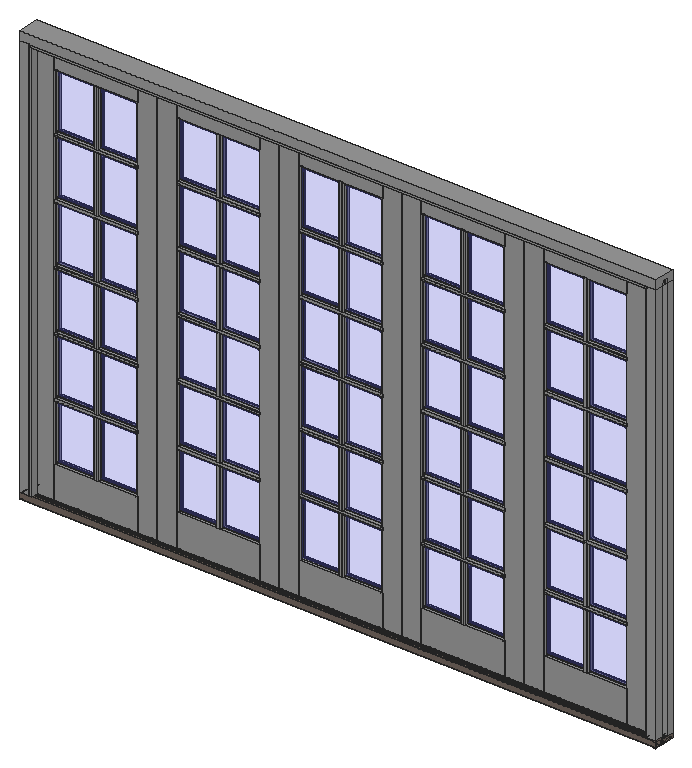
Revit family "VSFA 3180 SP RH", category Doors, host Wall, Revit 2015 (continued)
Forms (mm)
  Extrusion 75, solid, material "Lauan, Meranti"
    sketch origin (556.235, 0, 0) x (0, 1, 0) y (0, 0, 1)
      loop
        line (-15.5, 1675) -> (-15.5, 1662) -> (-13.5, 1662)
        arc (-13.5, 1662) -> (-11.866, 1657.33) -> (-7.5, 1655) r 6.807
        line (-7.5, 1655) -> (-7.5, 1653) -> (-5.5, 1653) -> (-5.5, 1662) -> (24.5, 1662) -> (24.5, 1675) -> (-5.5, 1675) -> (-5.5, 1684) -> (-7.5, 1684) -> (-7.5, 1682)
        arc (-7.5, 1682) -> (-11.866, 1679.67) -> (-13.5, 1675) r 6.807
        line (-13.5, 1675) -> (-15.5, 1675)
      loop
        line (-15.5, 1378) -> (-15.5, 1365) -> (-13.5, 1365)
        arc (-13.5, 1365) -> (-11.866, 1360.33) -> (-7.5, 1358) r 6.807
        line (-7.5, 1358) -> (-7.5, 1356) -> (-5.5, 1356) -> (-5.5, 1365) -> (24.5, 1365) -> (24.5, 1378) -> (-5.5, 1378) -> (-5.5, 1387) -> (-7.5, 1387) -> (-7.5, 1385)
        arc (-7.5, 1385) -> (-11.866, 1382.67) -> (-13.5, 1378) r 6.807
        line (-13.5, 1378) -> (-15.5, 1378)
      loop
        line (-15.5, 1081) -> (-15.5, 1068) -> (-13.5, 1068)
        arc (-13.5, 1068) -> (-11.866, 1063.33) -> (-7.5, 1061) r 6.807
        line (-7.5, 1061) -> (-7.5, 1059) -> (-5.5, 1059) -> (-5.5, 1068) -> (24.5, 1068) -> (24.5, 1081) -> (-5.5, 1081) -> (-5.5, 1090) -> (-7.5, 1090) -> (-7.5, 1088)
        arc (-7.5, 1088) -> (-11.866, 1085.67) -> (-13.5, 1081) r 6.807
        line (-13.5, 1081) -> (-15.5, 1081)
      loop
        line (-15.5, 784) -> (-15.5, 771) -> (-13.5, 771)
        arc (-13.5, 771) -> (-11.866, 766.33) -> (-7.5, 764) r 6.807
        line (-7.5, 764) -> (-7.5, 762) -> (-5.5, 762) -> (-5.5, 771) -> (24.5, 771) -> (24.5, 784) -> (-5.5, 784) -> (-5.5, 793) -> (-7.5, 793) -> (-7.5, 791)
        arc (-7.5, 791) -> (-11.866, 788.67) -> (-13.5, 784) r 6.807
        line (-13.5, 784) -> (-15.5, 784)
      loop
        line (-15.5, 487) -> (-15.5, 474) -> (-13.5, 474)
        arc (-13.5, 474) -> (-11.866, 469.33) -> (-7.5, 467) r 6.807
        line (-7.5, 467) -> (-7.5, 465) -> (-5.5, 465) -> (-5.5, 474) -> (24.5, 474) -> (24.5, 487) -> (-5.5, 487) -> (-5.5, 496) -> (-7.5, 496) -> (-7.5, 494)
        arc (-7.5, 494) -> (-11.866, 491.67) -> (-13.5, 487) r 6.807
        line (-13.5, 487) -> (-15.5, 487)
    from -169.235 to 248.765
  Sweep 76, solid, material "Lauan, Meranti"
    path origin (263.876, -75, -1252.272) x (1, 0, 0) y (0, 0, 1)
      loop
        line (338.624, 1726.272) -> (338.624, 1442.272) -> (541.124, 1442.272) -> (541.124, 1726.272) -> (338.624, 1726.272)
    profile origin (703.75, -75, 474) x (0, 0, 1) y (0, -1, 0)
      loop
        line (-9, -78) -> (-9, -80) -> (-7, -80)
        arc (-7, -80) -> (-4.67, -84.366) -> (0, -86) r 6.807
        line (0, -86) -> (0, -78) -> (-9, -78)
  Extrusion 77, solid, material "Glass"
    sketch origin (532.808, -110.55, -763.769) x (1, 0, 0) y (0, 0, 1)
      loop
        line (272.18, 953.779) -> (272.18, 1237.769) -> (69.692, 1237.769) -> (69.692, 953.779) -> (272.18, 953.779)
      loop
        line (56.692, 1237.769) -> (-145.808, 1237.769) -> (-145.808, 953.769) -> (56.692, 953.769) -> (56.692, 1237.769)
      loop
        line (272.18, 1250.779) -> (272.18, 1534.769) -> (69.692, 1534.769) -> (69.692, 1250.779) -> (272.18, 1250.779)
      loop
        line (56.692, 1534.769) -> (-145.808, 1534.769) -> (-145.808, 1250.769) -> (56.692, 1250.769) -> (56.692, 1534.769)
      loop
        line (272.18, 1547.779) -> (272.18, 1831.769) -> (69.692, 1831.769) -> (69.692, 1547.779) -> (272.18, 1547.779)
      loop
        line (56.692, 1831.769) -> (-145.808, 1831.769) -> (-145.808, 1547.769) -> (56.692, 1547.769) -> (56.692, 1831.769)
      loop
        line (272.18, 1844.779) -> (272.18, 2128.769) -> (69.692, 2128.769) -> (69.692, 1844.779) -> (272.18, 1844.779)
      loop
        line (56.692, 2128.769) -> (-145.808, 2128.769) -> (-145.808, 1844.769) -> (56.692, 1844.769) -> (56.692, 2128.769)
      loop
        line (272.18, 2141.779) -> (272.18, 2425.769) -> (69.692, 2425.769) -> (69.692, 2141.779) -> (272.18, 2141.779)
      loop
        line (56.692, 2425.769) -> (-145.808, 2425.769) -> (-145.808, 2141.769) -> (56.692, 2141.769) -> (56.692, 2425.769)
      loop
        line (272.18, 2438.779) -> (272.18, 2722.769) -> (69.692, 2722.769) -> (69.692, 2438.779) -> (272.18, 2438.779)
      loop
        line (56.692, 2722.769) -> (-145.808, 2722.769) -> (-145.808, 2438.769) -> (56.692, 2438.769) -> (56.692, 2722.769)
    from -112.5 to -106.1
  Extrusion 78, solid, material "Lauan, Meranti"
    sketch origin (1, 0, 0) x (1, 0, 0) y (0, 1, 0)
      loop
        line (601.5, -15.5) -> (601.5, -13.5)
        arc (601.5, -13.5) -> (606.17, -11.866) -> (608.5, -7.5) r 6.807
        line (608.5, -7.5) -> (610.5, -7.5) -> (610.5, -5.5) -> (601.5, -5.5) -> (601.5, 24.5) -> (588.5, 24.5) -> (588.5, -5.5) -> (579.5, -5.5) -> (579.5, -7.5) -> (581.5, -7.5)
        arc (581.5, -7.5) -> (583.83, -11.866) -> (588.5, -13.5) r 6.807
        line (588.5, -13.5) -> (588.5, -15.5) -> (601.5, -15.5)
    from 190 to 474
  Sweep 79, solid, material "Lauan, Meranti"
    path origin (48.388, -75, -1252.272) x (1, 0, 0) y (0, 0, 1)
      loop
        line (338.624, 1726.272) -> (338.624, 1442.272) -> (541.124, 1442.272) -> (541.124, 1726.272) -> (338.624, 1726.272)
    profile origin (488.262, -75, 474) x (0, 0, 1) y (0, -1, 0)
      loop
        line (-9, -78) -> (-9, -80) -> (-7, -80)
        arc (-7, -80) -> (-4.67, -84.366) -> (0, -86) r 6.807
        line (0, -86) -> (0, -78) -> (-9, -78)
  Sweep 80, solid, material "Lauan, Meranti"
    path origin (263.876, -75, -955.284) x (1, 0, 0) y (0, 0, 1)
      loop
        line (338.624, 1726.272) -> (338.624, 1442.272) -> (541.124, 1442.272) -> (541.124, 1726.272) -> (338.624, 1726.272)
    profile origin (703.75, -75, 770.988) x (0, 0, 1) y (0, -1, 0)
      loop
        line (-9, -78) -> (-9, -80) -> (-7, -80)
        arc (-7, -80) -> (-4.67, -84.366) -> (0, -86) r 6.807
        line (0, -86) -> (0, -78) -> (-9, -78)
  Extrusion 81, solid, material "Lauan, Meranti"
    sketch origin (1, 0, 296.988) x (1, 0, 0) y (0, 1, 0)
      loop
        line (601.5, -15.5) -> (601.5, -13.5)
        arc (601.5, -13.5) -> (606.17, -11.866) -> (608.5, -7.5) r 6.807
        line (608.5, -7.5) -> (610.5, -7.5) -> (610.5, -5.5) -> (601.5, -5.5) -> (601.5, 24.5) -> (588.5, 24.5) -> (588.5, -5.5) -> (579.5, -5.5) -> (579.5, -7.5) -> (581.5, -7.5)
        arc (581.5, -7.5) -> (583.83, -11.866) -> (588.5, -13.5) r 6.807
        line (588.5, -13.5) -> (588.5, -15.5) -> (601.5, -15.5)
    from 190 to 474
  Sweep 82, solid, material "Lauan, Meranti"
    path origin (48.388, -75, -955.284) x (1, 0, 0) y (0, 0, 1)
      loop
        line (338.624, 1726.272) -> (338.624, 1442.272) -> (541.124, 1442.272) -> (541.124, 1726.272) -> (338.624, 1726.272)
    profile origin (488.262, -75, 770.988) x (0, 0, 1) y (0, -1, 0)
      loop
        line (-9, -78) -> (-9, -80) -> (-7, -80)
        arc (-7, -80) -> (-4.67, -84.366) -> (0, -86) r 6.807
        line (0, -86) -> (0, -78) -> (-9, -78)
  Sweep 83, solid, material "Lauan, Meranti"
    path origin (263.876, -75, -658.284) x (1, 0, 0) y (0, 0, 1)
      loop
        line (338.624, 1726.272) -> (338.624, 1442.272) -> (541.124, 1442.272) -> (541.124, 1726.272) -> (338.624, 1726.272)
    profile origin (703.75, -75, 1067.988) x (0, 0, 1) y (0, -1, 0)
      loop
        line (-9, -78) -> (-9, -80) -> (-7, -80)
        arc (-7, -80) -> (-4.67, -84.366) -> (0, -86) r 6.807
        line (0, -86) -> (0, -78) -> (-9, -78)
  Extrusion 84, solid, material "Lauan, Meranti"
    sketch origin (1, 0, 593.988) x (1, 0, 0) y (0, 1, 0)
      loop
        line (601.5, -15.5) -> (601.5, -13.5)
        arc (601.5, -13.5) -> (606.17, -11.866) -> (608.5, -7.5) r 6.807
        line (608.5, -7.5) -> (610.5, -7.5) -> (610.5, -5.5) -> (601.5, -5.5) -> (601.5, 24.5) -> (588.5, 24.5) -> (588.5, -5.5) -> (579.5, -5.5) -> (579.5, -7.5) -> (581.5, -7.5)
        arc (581.5, -7.5) -> (583.83, -11.866) -> (588.5, -13.5) r 6.807
        line (588.5, -13.5) -> (588.5, -15.5) -> (601.5, -15.5)
    from 190 to 474
  Sweep 85, solid, material "Lauan, Meranti"
    path origin (48.388, -75, -658.284) x (1, 0, 0) y (0, 0, 1)
      loop
        line (338.624, 1726.272) -> (338.624, 1442.272) -> (541.124, 1442.272) -> (541.124, 1726.272) -> (338.624, 1726.272)
    profile origin (488.262, -75, 1067.988) x (0, 0, 1) y (0, -1, 0)
      loop
        line (-9, -78) -> (-9, -80) -> (-7, -80)
        arc (-7, -80) -> (-4.67, -84.366) -> (0, -86) r 6.807
        line (0, -86) -> (0, -78) -> (-9, -78)
  Sweep 86, solid, material "Lauan, Meranti"
    path origin (263.876, -75, -361.284) x (1, 0, 0) y (0, 0, 1)
      loop
        line (338.624, 1726.272) -> (338.624, 1442.272) -> (541.124, 1442.272) -> (541.124, 1726.272) -> (338.624, 1726.272)
    profile origin (703.75, -75, 1364.988) x (0, 0, 1) y (0, -1, 0)
      loop
        line (-9, -78) -> (-9, -80) -> (-7, -80)
        arc (-7, -80) -> (-4.67, -84.366) -> (0, -86) r 6.807
        line (0, -86) -> (0, -78) -> (-9, -78)
  Extrusion 87, solid, material "Lauan, Meranti"
    sketch origin (1, 0, 890.988) x (1, 0, 0) y (0, 1, 0)
      loop
        line (601.5, -15.5) -> (601.5, -13.5)
        arc (601.5, -13.5) -> (606.17, -11.866) -> (608.5, -7.5) r 6.807
        line (608.5, -7.5) -> (610.5, -7.5) -> (610.5, -5.5) -> (601.5, -5.5) -> (601.5, 24.5) -> (588.5, 24.5) -> (588.5, -5.5) -> (579.5, -5.5) -> (579.5, -7.5) -> (581.5, -7.5)
        arc (581.5, -7.5) -> (583.83, -11.866) -> (588.5, -13.5) r 6.807
        line (588.5, -13.5) -> (588.5, -15.5) -> (601.5, -15.5)
    from 190 to 474
  Sweep 88, solid, material "Lauan, Meranti"
    path origin (48.388, -75, -361.284) x (1, 0, 0) y (0, 0, 1)
      loop
        line (338.624, 1726.272) -> (338.624, 1442.272) -> (541.124, 1442.272) -> (541.124, 1726.272) -> (338.624, 1726.272)
    profile origin (488.262, -75, 1364.988) x (0, 0, 1) y (0, -1, 0)
      loop
        line (-9, -78) -> (-9, -80) -> (-7, -80)
        arc (-7, -80) -> (-4.67, -84.366) -> (0, -86) r 6.807
        line (0, -86) -> (0, -78) -> (-9, -78)
  Sweep 89, solid, material "Lauan, Meranti"
    path origin (263.876, -75, -64.284) x (1, 0, 0) y (0, 0, 1)
      loop
        line (338.624, 1726.272) -> (338.624, 1442.272) -> (541.124, 1442.272) -> (541.124, 1726.272) -> (338.624, 1726.272)
    profile origin (703.75, -75, 1661.988) x (0, 0, 1) y (0, -1, 0)
      loop
        line (-9, -78) -> (-9, -80) -> (-7, -80)
        arc (-7, -80) -> (-4.67, -84.366) -> (0, -86) r 6.807
        line (0, -86) -> (0, -78) -> (-9, -78)
  Extrusion 90, solid, material "Lauan, Meranti"
    sketch origin (1, 0, 1187.988) x (1, 0, 0) y (0, 1, 0)
      loop
        line (601.5, -15.5) -> (601.5, -13.5)
        arc (601.5, -13.5) -> (606.17, -11.866) -> (608.5, -7.5) r 6.807
        line (608.5, -7.5) -> (610.5, -7.5) -> (610.5, -5.5) -> (601.5, -5.5) -> (601.5, 24.5) -> (588.5, 24.5) -> (588.5, -5.5) -> (579.5, -5.5) -> (579.5, -7.5) -> (581.5, -7.5)
        arc (581.5, -7.5) -> (583.83, -11.866) -> (588.5, -13.5) r 6.807
        line (588.5, -13.5) -> (588.5, -15.5) -> (601.5, -15.5)
    from 190 to 474
  Sweep 91, solid, material "Lauan, Meranti"
    path origin (48.388, -75, -64.284) x (1, 0, 0) y (0, 0, 1)
      loop
        line (338.624, 1726.272) -> (338.624, 1442.272) -> (541.124, 1442.272) -> (541.124, 1726.272) -> (338.624, 1726.272)
    profile origin (488.262, -75, 1661.988) x (0, 0, 1) y (0, -1, 0)
      loop
        line (-9, -78) -> (-9, -80) -> (-7, -80)
        arc (-7, -80) -> (-4.67, -84.366) -> (0, -86) r 6.807
        line (0, -86) -> (0, -78) -> (-9, -78)
  Sweep 92, solid, material "Lauan, Meranti"
    path origin (263.876, -75, 232.716) x (1, 0, 0) y (0, 0, 1)
      loop
        line (338.624, 1726.272) -> (338.624, 1442.272) -> (541.124, 1442.272) -> (541.124, 1726.272) -> (338.624, 1726.272)
    profile origin (703.75, -75, 1958.988) x (0, 0, 1) y (0, -1, 0)
      loop
        line (-9, -78) -> (-9, -80) -> (-7, -80)
        arc (-7, -80) -> (-4.67, -84.366) -> (0, -86) r 6.807
        line (0, -86) -> (0, -78) -> (-9, -78)
  Extrusion 93, solid, material "Lauan, Meranti"
    sketch origin (1, 0, 1484.988) x (1, 0, 0) y (0, 1, 0)
      loop
        line (601.5, -15.5) -> (601.5, -13.5)
        arc (601.5, -13.5) -> (606.17, -11.866) -> (608.5, -7.5) r 6.807
        line (608.5, -7.5) -> (610.5, -7.5) -> (610.5, -5.5) -> (601.5, -5.5) -> (601.5, 24.5) -> (588.5, 24.5) -> (588.5, -5.5) -> (579.5, -5.5) -> (579.5, -7.5) -> (581.5, -7.5)
        arc (581.5, -7.5) -> (583.83, -11.866) -> (588.5, -13.5) r 6.807
        line (588.5, -13.5) -> (588.5, -15.5) -> (601.5, -15.5)
    from 190 to 474
  Sweep 94, solid, material "Lauan, Meranti"
    path origin (48.388, -75, 232.716) x (1, 0, 0) y (0, 0, 1)
      loop
        line (338.624, 1726.272) -> (338.624, 1442.272) -> (541.124, 1442.272) -> (541.124, 1726.272) -> (338.624, 1726.272)
    profile origin (488.262, -75, 1958.988) x (0, 0, 1) y (0, -1, 0)
      loop
        line (-9, -78) -> (-9, -80) -> (-7, -80)
        arc (-7, -80) -> (-4.67, -84.366) -> (0, -86) r 6.807
        line (0, -86) -> (0, -78) -> (-9, -78)
  Extrusion 95, solid, material "Lauan, Meranti"
    sketch origin (1168.235, 0, 0) x (0, 1, 0) y (0, 0, 1)
      loop
        line (-15.5, 190) -> (-15.5, 19) -> (24.5, 19) -> (24.5, 190) -> (-5.5, 190) -> (-5.5, 199) -> (-7.5, 199) -> (-7.5, 197)
        arc (-7.5, 197) -> (-11.866, 194.67) -> (-13.5, 190) r 6.807
        line (-13.5, 190) -> (-15.5, 190)
      loop
        line (-7.5, 1952) -> (-7.5, 1950) -> (-5.5, 1950) -> (-5.5, 1959) -> (24.5, 1959) -> (24.5, 2055) -> (-15.5, 2055) -> (-15.5, 1959) -> (-13.5, 1959)
        arc (-13.5, 1959) -> (-11.866, 1954.33) -> (-7.5, 1952) r 6.807
      loop
        line (-15.5, 1675) -> (-15.5, 1662) -> (-13.5, 1662)
        arc (-13.5, 1662) -> (-11.866, 1657.33) -> (-7.5, 1655) r 6.807
        line (-7.5, 1655) -> (-7.5, 1653) -> (-5.5, 1653) -> (-5.5, 1662) -> (24.5, 1662) -> (24.5, 1675) -> (-5.5, 1675) -> (-5.5, 1684) -> (-7.5, 1684) -> (-7.5, 1682)
        arc (-7.5, 1682) -> (-11.866, 1679.67) -> (-13.5, 1675) r 6.807
        line (-13.5, 1675) -> (-15.5, 1675)
      loop
        line (-15.5, 1378) -> (-15.5, 1365) -> (-13.5, 1365)
        arc (-13.5, 1365) -> (-11.866, 1360.33) -> (-7.5, 1358) r 6.807
        line (-7.5, 1358) -> (-7.5, 1356) -> (-5.5, 1356) -> (-5.5, 1365) -> (24.5, 1365) -> (24.5, 1378) -> (-5.5, 1378) -> (-5.5, 1387) -> (-7.5, 1387) -> (-7.5, 1385)
        arc (-7.5, 1385) -> (-11.866, 1382.67) -> (-13.5, 1378) r 6.807
        line (-13.5, 1378) -> (-15.5, 1378)
      loop
        line (-15.5, 1081) -> (-15.5, 1068) -> (-13.5, 1068)
        arc (-13.5, 1068) -> (-11.866, 1063.33) -> (-7.5, 1061) r 6.807
        line (-7.5, 1061) -> (-7.5, 1059) -> (-5.5, 1059) -> (-5.5, 1068) -> (24.5, 1068) -> (24.5, 1081) -> (-5.5, 1081) -> (-5.5, 1090) -> (-7.5, 1090) -> (-7.5, 1088)
        arc (-7.5, 1088) -> (-11.866, 1085.67) -> (-13.5, 1081) r 6.807
        line (-13.5, 1081) -> (-15.5, 1081)
      loop
        line (-15.5, 784) -> (-15.5, 771) -> (-13.5, 771)
        arc (-13.5, 771) -> (-11.866, 766.33) -> (-7.5, 764) r 6.807
        line (-7.5, 764) -> (-7.5, 762) -> (-5.5, 762) -> (-5.5, 771) -> (24.5, 771) -> (24.5, 784) -> (-5.5, 784) -> (-5.5, 793) -> (-7.5, 793) -> (-7.5, 791)
        arc (-7.5, 791) -> (-11.866, 788.67) -> (-13.5, 784) r 6.807
        line (-13.5, 784) -> (-15.5, 784)
      loop
        line (-15.5, 487) -> (-15.5, 474) -> (-13.5, 474)
        arc (-13.5, 474) -> (-11.866, 469.33) -> (-7.5, 467) r 6.807
        line (-7.5, 467) -> (-7.5, 465) -> (-5.5, 465) -> (-5.5, 474) -> (24.5, 474) -> (24.5, 487) -> (-5.5, 487) -> (-5.5, 496) -> (-7.5, 496) -> (-7.5, 494)
        arc (-7.5, 494) -> (-11.866, 491.67) -> (-13.5, 487) r 6.807
        line (-13.5, 487) -> (-15.5, 487)
    from -169.235 to 248.765
  Sweep 96, solid, material "Lauan, Meranti"
    path origin (875.876, -75, -1252.272) x (1, 0, 0) y (0, 0, 1)
      loop
        line (338.624, 1726.272) -> (338.624, 1442.272) -> (541.124, 1442.272) -> (541.124, 1726.272) -> (338.624, 1726.272)
    profile origin (1315.75, -75, 474) x (0, 0, 1) y (0, -1, 0)
      loop
        line (-9, -78) -> (-9, -80) -> (-7, -80)
        arc (-7, -80) -> (-4.67, -84.366) -> (0, -86) r 6.807
        line (0, -86) -> (0, -78) -> (-9, -78)
  Extrusion 97, solid, material "Glass"
    sketch origin (1144.808, -110.55, -763.769) x (1, 0, 0) y (0, 0, 1)
      loop
        line (272.18, 953.779) -> (272.18, 1237.769) -> (69.692, 1237.769) -> (69.692, 953.779) -> (272.18, 953.779)
      loop
        line (56.692, 1237.769) -> (-145.808, 1237.769) -> (-145.808, 953.769) -> (56.692, 953.769) -> (56.692, 1237.769)
      loop
        line (272.18, 1250.779) -> (272.18, 1534.769) -> (69.692, 1534.769) -> (69.692, 1250.779) -> (272.18, 1250.779)
      loop
        line (56.692, 1534.769) -> (-145.808, 1534.769) -> (-145.808, 1250.769) -> (56.692, 1250.769) -> (56.692, 1534.769)
      loop
        line (272.18, 1547.779) -> (272.18, 1831.769) -> (69.692, 1831.769) -> (69.692, 1547.779) -> (272.18, 1547.779)
      loop
        line (56.692, 1831.769) -> (-145.808, 1831.769) -> (-145.808, 1547.769) -> (56.692, 1547.769) -> (56.692, 1831.769)
      loop
        line (272.18, 1844.779) -> (272.18, 2128.769) -> (69.692, 2128.769) -> (69.692, 1844.779) -> (272.18, 1844.779)
      loop
        line (56.692, 2128.769) -> (-145.808, 2128.769) -> (-145.808, 1844.769) -> (56.692, 1844.769) -> (56.692, 2128.769)
      loop
        line (272.18, 2141.779) -> (272.18, 2425.769) -> (69.692, 2425.769) -> (69.692, 2141.779) -> (272.18, 2141.779)
      loop
        line (56.692, 2425.769) -> (-145.808, 2425.769) -> (-145.808, 2141.769) -> (56.692, 2141.769) -> (56.692, 2425.769)
      loop
        line (272.18, 2438.779) -> (272.18, 2722.769) -> (69.692, 2722.769) -> (69.692, 2438.779) -> (272.18, 2438.779)
      loop
        line (56.692, 2722.769) -> (-145.808, 2722.769) -> (-145.808, 2438.769) -> (56.692, 2438.769) -> (56.692, 2722.769)
    from -112.5 to -106.1
  Extrusion 98, solid, material "Lauan, Meranti"
    sketch origin (613, 0, 0) x (1, 0, 0) y (0, 1, 0)
      loop
        line (601.5, -15.5) -> (601.5, -13.5)
        arc (601.5, -13.5) -> (606.17, -11.866) -> (608.5, -7.5) r 6.807
        line (608.5, -7.5) -> (610.5, -7.5) -> (610.5, -5.5) -> (601.5, -5.5) -> (601.5, 24.5) -> (588.5, 24.5) -> (588.5, -5.5) -> (579.5, -5.5) -> (579.5, -7.5) -> (581.5, -7.5)
        arc (581.5, -7.5) -> (583.83, -11.866) -> (588.5, -13.5) r 6.807
        line (588.5, -13.5) -> (588.5, -15.5) -> (601.5, -15.5)
    from 190 to 474
  Sweep 99, solid, material "Lauan, Meranti"
    path origin (660.388, -75, -1252.272) x (1, 0, 0) y (0, 0, 1)
      loop
        line (338.624, 1726.272) -> (338.624, 1442.272) -> (541.124, 1442.272) -> (541.124, 1726.272) -> (338.624, 1726.272)
    profile origin (1100.262, -75, 474) x (0, 0, 1) y (0, -1, 0)
      loop
        line (-9, -78) -> (-9, -80) -> (-7, -80)
        arc (-7, -80) -> (-4.67, -84.366) -> (0, -86) r 6.807
        line (0, -86) -> (0, -78) -> (-9, -78)
  Sweep 100, solid, material "Lauan, Meranti"
    path origin (875.876, -75, -955.284) x (1, 0, 0) y (0, 0, 1)
      loop
        line (338.624, 1726.272) -> (338.624, 1442.272) -> (541.124, 1442.272) -> (541.124, 1726.272) -> (338.624, 1726.272)
    profile origin (1315.75, -75, 770.988) x (0, 0, 1) y (0, -1, 0)
      loop
        line (-9, -78) -> (-9, -80) -> (-7, -80)
        arc (-7, -80) -> (-4.67, -84.366) -> (0, -86) r 6.807
        line (0, -86) -> (0, -78) -> (-9, -78)
  Extrusion 101, solid, material "Lauan, Meranti"
    sketch origin (613, 0, 296.988) x (1, 0, 0) y (0, 1, 0)
      loop
        line (601.5, -15.5) -> (601.5, -13.5)
        arc (601.5, -13.5) -> (606.17, -11.866) -> (608.5, -7.5) r 6.807
        line (608.5, -7.5) -> (610.5, -7.5) -> (610.5, -5.5) -> (601.5, -5.5) -> (601.5, 24.5) -> (588.5, 24.5) -> (588.5, -5.5) -> (579.5, -5.5) -> (579.5, -7.5) -> (581.5, -7.5)
        arc (581.5, -7.5) -> (583.83, -11.866) -> (588.5, -13.5) r 6.807
        line (588.5, -13.5) -> (588.5, -15.5) -> (601.5, -15.5)
    from 190 to 474
  Sweep 102, solid, material "Lauan, Meranti"
    path origin (660.388, -75, -955.284) x (1, 0, 0) y (0, 0, 1)
      loop
        line (338.624, 1726.272) -> (338.624, 1442.272) -> (541.124, 1442.272) -> (541.124, 1726.272) -> (338.624, 1726.272)
    profile origin (1100.262, -75, 770.988) x (0, 0, 1) y (0, -1, 0)
      loop
        line (-9, -78) -> (-9, -80) -> (-7, -80)
        arc (-7, -80) -> (-4.67, -84.366) -> (0, -86) r 6.807
        line (0, -86) -> (0, -78) -> (-9, -78)
  Sweep 103, solid, material "Lauan, Meranti"
    path origin (875.876, -75, -658.284) x (1, 0, 0) y (0, 0, 1)
      loop
        line (338.624, 1726.272) -> (338.624, 1442.272) -> (541.124, 1442.272) -> (541.124, 1726.272) -> (338.624, 1726.272)
    profile origin (1315.75, -75, 1067.988) x (0, 0, 1) y (0, -1, 0)
      loop
        line (-9, -78) -> (-9, -80) -> (-7, -80)
        arc (-7, -80) -> (-4.67, -84.366) -> (0, -86) r 6.807
        line (0, -86) -> (0, -78) -> (-9, -78)
  Extrusion 104, solid, material "Lauan, Meranti"
    sketch origin (613, 0, 593.988) x (1, 0, 0) y (0, 1, 0)
      loop
        line (601.5, -15.5) -> (601.5, -13.5)
        arc (601.5, -13.5) -> (606.17, -11.866) -> (608.5, -7.5) r 6.807
        line (608.5, -7.5) -> (610.5, -7.5) -> (610.5, -5.5) -> (601.5, -5.5) -> (601.5, 24.5) -> (588.5, 24.5) -> (588.5, -5.5) -> (579.5, -5.5) -> (579.5, -7.5) -> (581.5, -7.5)
        arc (581.5, -7.5) -> (583.83, -11.866) -> (588.5, -13.5) r 6.807
        line (588.5, -13.5) -> (588.5, -15.5) -> (601.5, -15.5)
    from 190 to 474
  Sweep 105, solid, material "Lauan, Meranti"
    path origin (660.388, -75, -658.284) x (1, 0, 0) y (0, 0, 1)
      loop
        line (338.624, 1726.272) -> (338.624, 1442.272) -> (541.124, 1442.272) -> (541.124, 1726.272) -> (338.624, 1726.272)
    profile origin (1100.262, -75, 1067.988) x (0, 0, 1) y (0, -1, 0)
      loop
        line (-9, -78) -> (-9, -80) -> (-7, -80)
        arc (-7, -80) -> (-4.67, -84.366) -> (0, -86) r 6.807
        line (0, -86) -> (0, -78) -> (-9, -78)
  Sweep 106, solid, material "Lauan, Meranti"
    path origin (875.876, -75, -361.284) x (1, 0, 0) y (0, 0, 1)
      loop
        line (338.624, 1726.272) -> (338.624, 1442.272) -> (541.124, 1442.272) -> (541.124, 1726.272) -> (338.624, 1726.272)
    profile origin (1315.75, -75, 1364.988) x (0, 0, 1) y (0, -1, 0)
      loop
        line (-9, -78) -> (-9, -80) -> (-7, -80)
        arc (-7, -80) -> (-4.67, -84.366) -> (0, -86) r 6.807
        line (0, -86) -> (0, -78) -> (-9, -78)
  Extrusion 107, solid, material "Lauan, Meranti"
    sketch origin (613, 0, 890.988) x (1, 0, 0) y (0, 1, 0)
      loop
        line (601.5, -15.5) -> (601.5, -13.5)
        arc (601.5, -13.5) -> (606.17, -11.866) -> (608.5, -7.5) r 6.807
        line (608.5, -7.5) -> (610.5, -7.5) -> (610.5, -5.5) -> (601.5, -5.5) -> (601.5, 24.5) -> (588.5, 24.5) -> (588.5, -5.5) -> (579.5, -5.5) -> (579.5, -7.5) -> (581.5, -7.5)
        arc (581.5, -7.5) -> (583.83, -11.866) -> (588.5, -13.5) r 6.807
        line (588.5, -13.5) -> (588.5, -15.5) -> (601.5, -15.5)
    from 190 to 474
  Sweep 108, solid, material "Lauan, Meranti"
    path origin (660.388, -75, -361.284) x (1, 0, 0) y (0, 0, 1)
      loop
        line (338.624, 1726.272) -> (338.624, 1442.272) -> (541.124, 1442.272) -> (541.124, 1726.272) -> (338.624, 1726.272)
    profile origin (1100.262, -75, 1364.988) x (0, 0, 1) y (0, -1, 0)
      loop
        line (-9, -78) -> (-9, -80) -> (-7, -80)
        arc (-7, -80) -> (-4.67, -84.366) -> (0, -86) r 6.807
        line (0, -86) -> (0, -78) -> (-9, -78)
  Sweep 109, solid, material "Lauan, Meranti"
    path origin (875.876, -75, -64.284) x (1, 0, 0) y (0, 0, 1)
      loop
        line (338.624, 1726.272) -> (338.624, 1442.272) -> (541.124, 1442.272) -> (541.124, 1726.272) -> (338.624, 1726.272)
    profile origin (1315.75, -75, 1661.988) x (0, 0, 1) y (0, -1, 0)
      loop
        line (-9, -78) -> (-9, -80) -> (-7, -80)
        arc (-7, -80) -> (-4.67, -84.366) -> (0, -86) r 6.807
        line (0, -86) -> (0, -78) -> (-9, -78)
  Extrusion 110, solid, material "Lauan, Meranti"
    sketch origin (613, 0, 1187.988) x (1, 0, 0) y (0, 1, 0)
      loop
        line (601.5, -15.5) -> (601.5, -13.5)
        arc (601.5, -13.5) -> (606.17, -11.866) -> (608.5, -7.5) r 6.807
        line (608.5, -7.5) -> (610.5, -7.5) -> (610.5, -5.5) -> (601.5, -5.5) -> (601.5, 24.5) -> (588.5, 24.5) -> (588.5, -5.5) -> (579.5, -5.5) -> (579.5, -7.5) -> (581.5, -7.5)
        arc (581.5, -7.5) -> (583.83, -11.866) -> (588.5, -13.5) r 6.807
        line (588.5, -13.5) -> (588.5, -15.5) -> (601.5, -15.5)
    from 190 to 474
  Sweep 111, solid, material "Lauan, Meranti"
    path origin (660.388, -75, -64.284) x (1, 0, 0) y (0, 0, 1)
      loop
        line (338.624, 1726.272) -> (338.624, 1442.272) -> (541.124, 1442.272) -> (541.124, 1726.272) -> (338.624, 1726.272)
    profile origin (1100.262, -75, 1661.988) x (0, 0, 1) y (0, -1, 0)
      loop
        line (-9, -78) -> (-9, -80) -> (-7, -80)
        arc (-7, -80) -> (-4.67, -84.366) -> (0, -86) r 6.807
        line (0, -86) -> (0, -78) -> (-9, -78)
  Sweep 112, solid, material "Lauan, Meranti"
    path origin (875.876, -75, 232.716) x (1, 0, 0) y (0, 0, 1)
      loop
        line (338.624, 1726.272) -> (338.624, 1442.272) -> (541.124, 1442.272) -> (541.124, 1726.272) -> (338.624, 1726.272)
    profile origin (1315.75, -75, 1958.988) x (0, 0, 1) y (0, -1, 0)
      loop
        line (-9, -78) -> (-9, -80) -> (-7, -80)
        arc (-7, -80) -> (-4.67, -84.366) -> (0, -86) r 6.807
        line (0, -86) -> (0, -78) -> (-9, -78)
  Extrusion 113, solid, material "Lauan, Meranti"
    sketch origin (613, 0, 1484.988) x (1, 0, 0) y (0, 1, 0)
      loop
        line (601.5, -15.5) -> (601.5, -13.5)
        arc (601.5, -13.5) -> (606.17, -11.866) -> (608.5, -7.5) r 6.807
        line (608.5, -7.5) -> (610.5, -7.5) -> (610.5, -5.5) -> (601.5, -5.5) -> (601.5, 24.5) -> (588.5, 24.5) -> (588.5, -5.5) -> (579.5, -5.5) -> (579.5, -7.5) -> (581.5, -7.5)
        arc (581.5, -7.5) -> (583.83, -11.866) -> (588.5, -13.5) r 6.807
        line (588.5, -13.5) -> (588.5, -15.5) -> (601.5, -15.5)
    from 190 to 474
  Sweep 114, solid, material "Lauan, Meranti"
    path origin (660.388, -75, 232.716) x (1, 0, 0) y (0, 0, 1)
      loop
        line (338.624, 1726.272) -> (338.624, 1442.272) -> (541.124, 1442.272) -> (541.124, 1726.272) -> (338.624, 1726.272)
    profile origin (1100.262, -75, 1958.988) x (0, 0, 1) y (0, -1, 0)
      loop
        line (-9, -78) -> (-9, -80) -> (-7, -80)
        arc (-7, -80) -> (-4.67, -84.366) -> (0, -86) r 6.807
        line (0, -86) -> (0, -78) -> (-9, -78)
Cuts and joins
  joined: Extrusion 4, Extrusion 9
  joined: Extrusion 5, Extrusion 8
Lines and regions (mm)
  Opening 1
    outline origin (-5000, 75, 0) x (-1, 0, 0) y (0, 0, 1)
      loop
        line (-6590, 0) -> (-3410, 0) -> (-3410, 2100) -> (-6590, 2100) -> (-6590, 0)
  model lines
    curve 1: line (1515, 24.5, 0) -> (1210, 552.775, 0)
    curve 2: line (1210, 552.775, 0) -> (1175.359, 532.775, 0)
    curve 3: line (1175.359, 532.775, 0) -> (1480.359, 4.5, 0)
    curve 4: line (835.718, 24.5, 0) -> (1140.718, 552.775, 0)
    curve 5: line (1140.718, 552.775, 0) -> (1175.359, 532.775, 0)
    curve 6: line (1175.359, 532.775, 0) -> (870.359, 4.5, 0)
    curve 7: line (835.718, 24.5, 0) -> (568.312, 572.764, 0)
    curve 8: line (568.312, 572.764, 0) -> (532.36, 555.23, 0)
    curve 9: line (532.36, 555.23, 0) -> (799.766, 6.965, 0)
    curve 10: line (229.002, 24.5, 0) -> (-75.998, 552.775, 0)
    curve 11: line (-75.998, 552.775, 0) -> (-110.639, 532.775, 0)
    curve 12: line (-110.639, 532.775, 0) -> (194.361, 4.5, 0)
    curve 13: line (229.002, 24.5, 0) -> (496.408, 572.764, 0)
    curve 14: line (496.408, 572.764, 0) -> (532.36, 555.23, 0)
    curve 15: line (532.36, 555.23, 0) -> (264.953, 6.965, 0)
    curve 16: line (1063.802, 99.5, 935) -> (1238.802, 99.5, 935)
    curve 17: line (1377.879, 99.5, 935) -> (1238.802, 99.5, 991.191)
    curve 18: line (1238.802, 99.5, 991.191) -> (1238.802, 99.5, 878.809)
    curve 19: line (1377.879, 99.5, 935) -> (1238.802, 99.5, 878.809)
    curve 20: line (451.802, 99.5, 935) -> (626.802, 99.5, 935)
    curve 21: line (765.879, 99.5, 935) -> (626.802, 99.5, 991.191)
    curve 22: line (626.802, 99.5, 991.191) -> (626.802, 99.5, 878.809)
    curve 23: line (765.879, 99.5, 935) -> (626.802, 99.5, 878.809)
    curve 24: line (-160.198, 99.5, 935) -> (14.802, 99.5, 935)
    curve 25: line (153.879, 99.5, 935) -> (14.802, 99.5, 991.191)
    curve 26: line (14.802, 99.5, 991.191) -> (14.802, 99.5, 878.809)
    curve 27: line (153.879, 99.5, 935) -> (14.802, 99.5, 878.809)
    curve 28: line (-772.198, 99.5, 935) -> (-597.198, 99.5, 935)
    curve 29: line (-458.121, 99.5, 935) -> (-597.198, 99.5, 991.191)
    curve 30: line (-597.198, 99.5, 991.191) -> (-597.198, 99.5, 878.809)
    curve 31: line (-458.121, 99.5, 935) -> (-597.198, 99.5, 878.809)
    curve 32: line (-1384.198, 99.5, 935) -> (-1209.198, 99.5, 935)
    curve 33: line (-1070.121, 99.5, 935) -> (-1209.198, 99.5, 991.191)
    curve 34: line (-1209.198, 99.5, 991.191) -> (-1209.198, 99.5, 878.809)
    curve 35: line (-1070.121, 99.5, 935) -> (-1209.198, 99.5, 878.809)
Text (mm)
  text "Exterior" at (-2295.016, 1099.543, 0), in view "Ref. Level"
  text "Exterior" at (0, 1615.38, 3698.081), in view "Left"
  text "Exterior" at (0, 1036.032, 3874.932), in view "Right"
Dimensions and locks
  equal spacing: plane 3 "Left", plane 2 "Center (Left/Right)", plane 4 "Right"
  "Width": plane 3 "Left" to plane 4 "Right"
  "Height": plane 5 to host wall
  host wall to plane 5 = 2100 mm  (x2)
  locked: plane 6 "Exterior" to host wall at 0
  locked: plane 7 "Interior" to host wall
  plane 3 "Left" to plane 4 "Right" = 3180 mm
  aligned and locked: plane 1 to host wall
  aligned and locked: Opening 1 sketch curve to level
  aligned and locked: Sweep 16 sketch curve to Extrusion 15
  aligned and locked: Sweep 36 sketch curve to Extrusion 35
  aligned and locked: Sweep 56 sketch curve to Extrusion 55
  aligned and locked: Sweep 76 sketch curve to Extrusion 75
  aligned and locked: Sweep 96 sketch curve to Extrusion 95
Automatic sketch dimensions
  plane 18 to curve 34 = 274.198 mm
  plane 18 to curve 33 = 135.121 mm
  plane 16 to curve 31 = 274.198 mm
  plane 16 to curve 31 = 135.121 mm
  plane 2 "Center (Left/Right)" to curve 27 = 14.802 mm
  plane 14 to curve 25 = 135.121 mm
  plane 12 to curve 22 = 274.198 mm
  plane 12 to curve 21 = 135.121 mm
  plane 10 to curve 18 = 274.198 mm
  plane 10 to curve 17 = 135.121 mm
  level to curve 35 = 878.809 mm
  curve 31 to curve 34 = 0 mm
  curve 27 to curve 30 = 0 mm
  level to curve 18 = 878.809 mm
  curve 23 to curve 18 = 0 mm
  curve 22 to curve 21 = 56.191 mm
  curve 34 to curve 33 = 56.191 mm
  curve 18 to curve 19 = 56.191 mm
  curve 26 to curve 25 = 56.191 mm
  curve 30 to curve 29 = 56.191 mm
  curve 30 to curve 30 = 112.382 mm
  curve 26 to curve 25 = 112.382 mm
  curve 22 to curve 22 = 112.382 mm
  curve 34 to curve 33 = 112.382 mm
  curve 18 to curve 18 = 112.382 mm
  curve 32 to plane 8 = 160.802 mm
  curve 28 to plane 17 = 160.802 mm
  curve 24 to plane 2 "Center (Left/Right)" = 160.198 mm
  curve 20 to plane 13 = 160.802 mm
  curve 16 to plane 11 = 160.802 mm
  curve 34 to curve 32 = 56.191 mm
  curve 22 to curve 20 = 56.191 mm
  curve 27 to curve 24 = 56.191 mm
  curve 18 to curve 16 = 56.191 mm
  curve 30 to curve 28 = 56.191 mm
  curve 1 to plane 9 = 0 mm
  plane 10 to curve 1 = 303 mm
  curve 5 to curve 2 = 34.641 mm
  curve 5 to curve 5 = 34.641 mm
  curve 7 to host wall = 24.5 mm
  plane 12 to curve 7 = 65.282 mm
  curve 8 to plane 13 = 277.312 mm
  curve 8 to curve 8 = 35.952 mm
  curve 13 to curve 8 = 35.952 mm
  curve 10 to host wall = 24.5 mm
  plane 14 to curve 10 = 59.998 mm
  curve 10 to plane 2 "Center (Left/Right)" = 75.998 mm
  curve 12 to curve 11 = 34.641 mm
  host wall to curve 6 = 457.775 mm
  host wall to curve 12 = 457.775 mm
  curve 6 to curve 1 = 20 mm
  host wall to curve 8 = 480.23 mm
  curve 3 to host wall = 4.5 mm
  curve 6 to host wall = 4.5 mm
  curve 9 to host wall = 6.965 mm
  curve 15 to host wall = 6.965 mm
  curve 12 to host wall = 4.5 mm
  plane 4 "Right" to Opening 1 sketch curve = 0 mm
  plane 3 "Left" to Opening 1 sketch curve = 0 mm
  Opening 1 sketch curve to plane 5 = 0 mm
  Extrusion 1 sketch curve to level = 0 mm
  level to Extrusion 1 sketch curve = 1 mm
  Extrusion 1 sketch curve to host wall = 22.5 mm
  Extrusion 1 sketch curve to Extrusion 1 sketch curve = 1 mm  (x7)
  Extrusion 1 sketch curve to Extrusion 1 sketch curve = 0.5 mm  (x8)
  Extrusion 1 sketch curve to Extrusion 1 sketch curve = 8.551 mm
  Extrusion 1 sketch curve to Extrusion 1 sketch curve = 0.717 mm  (x10)
  Extrusion 1 sketch curve to Extrusion 1 sketch curve = 1.732 mm  (x10)
  Extrusion 1 sketch curve to Extrusion 1 sketch curve = 0 mm  (x24)
  Extrusion 1 sketch curve to Extrusion 1 sketch curve = 3.101 mm  (x3)
  Extrusion 1 sketch curve to Extrusion 1 sketch curve = 6.351 mm
  Extrusion 1 sketch curve to Extrusion 1 sketch curve = 1.5 mm  (x15)
  Extrusion 1 sketch curve to Extrusion 1 sketch curve = 0.7 mm
  level to Extrusion 1 sketch curve = 1.5 mm  (x3)
  Extrusion 1 sketch curve to Extrusion 1 sketch curve = 1.2 mm  (x2)
  Extrusion 1 sketch curve to Extrusion 1 sketch curve = 8.248 mm
  host wall to Extrusion 1 sketch curve = 4.5 mm
  host wall to Extrusion 1 sketch curve = 1.5 mm  (x2)
  Extrusion 1 sketch curve to host wall = 1.817 mm
  Extrusion 1 sketch curve to Extrusion 1 sketch curve = 1.433 mm  (x3)
  Extrusion 1 sketch curve to host wall = 3.75 mm
  Extrusion 1 sketch curve to Extrusion 1 sketch curve = 1.25 mm  (x2)
  Extrusion 1 sketch curve to Extrusion 1 sketch curve = 3.317 mm
  Extrusion 1 sketch curve to Extrusion 1 sketch curve = 4.551 mm
  Extrusion 1 sketch curve to Extrusion 1 sketch curve = 10.551 mm
  Extrusion 1 sketch curve to Extrusion 1 sketch curve = 11 mm
  Extrusion 1 sketch curve to Extrusion 1 sketch curve = 14.5 mm
  Extrusion 1 sketch curve to Extrusion 1 sketch curve = 2 mm  (x5)
  Extrusion 1 sketch curve to Extrusion 1 sketch curve = 0.3 mm
  Extrusion 1 sketch curve to Extrusion 1 sketch curve = 2.5 mm
  Extrusion 1 sketch curve to Extrusion 1 sketch curve = 1.488 mm
  Extrusion 1 sketch curve to Extrusion 1 sketch curve = 1.012 mm
  Extrusion 1 sketch curve to Extrusion 1 sketch curve = 5.5 mm
  Extrusion 1 sketch curve to Extrusion 1 sketch curve = 9 mm
  plane 5 to Extrusion 2 sketch curve = 0 mm
  Extrusion 2 sketch curve to host wall = 22.5 mm  (x2)
  host wall to Extrusion 2 sketch curve = 6.5 mm
  Extrusion 2 sketch curve to host wall = 15.5 mm
  plane 5 to Extrusion 2 sketch curve = 25 mm
  Extrusion 2 sketch curve to Extrusion 2 sketch curve = 20 mm  (x2)
  Extrusion 3 sketch curve to host wall = 22.5 mm
  Extrusion 3 sketch curve to Extrusion 3 sketch curve = 3 mm  (x2)
  Extrusion 3 sketch curve to Extrusion 3 sketch curve = 22 mm
  Extrusion 3 sketch curve to Extrusion 3 sketch curve = 7 mm
  Extrusion 3 sketch curve to Extrusion 3 sketch curve = 0 mm
  plane 5 to Extrusion 3 sketch curve = 58 mm
  Extrusion 3 sketch curve to Extrusion 3 sketch curve = 3.5 mm
  Extrusion 3 sketch curve to Extrusion 3 sketch curve = 10 mm
  Extrusion 3 sketch curve to Extrusion 3 sketch curve = 6.5 mm
  Extrusion 4 sketch curve to plane 9 = 0 mm
  Extrusion 4 sketch curve to plane 4 "Right" = 0 mm  (x2)
  Extrusion 4 sketch curve to plane 9 = 20 mm
  Extrusion 4 sketch curve to plane 9 = 30 mm  (x2)
  Extrusion 4 sketch curve to Extrusion 4 sketch curve = 15 mm  (x2)
  Extrusion 4 sketch curve to host wall = 22.5 mm  (x2)
  host wall to Extrusion 4 sketch curve = 16.5 mm
  Extrusion 4 sketch curve to Extrusion 4 sketch curve = 1 mm
  host wall to Extrusion 4 sketch curve = 5.5 mm
  Extrusion 4 sketch curve to host wall = 14.5 mm
  Extrusion 4 sketch curve to Extrusion 4 sketch curve = 10 mm
  Extrusion 4 sketch curve to Extrusion 4 sketch curve = 11 mm
  Extrusion 5 sketch curve to plane 3 "Left" = 0 mm
  Extrusion 5 sketch curve to plane 8 = 0 mm
  Extrusion 5 sketch curve to Extrusion 5 sketch curve = 12 mm
  Extrusion 5 sketch curve to host wall = 22.5 mm  (x2)
  Extrusion 5 sketch curve to host wall = 24.5 mm
  Extrusion 6 sketch curve to plane 8 = 0 mm
  Extrusion 6 sketch curve to plane 8 = 3 mm
  Extrusion 6 sketch curve to Extrusion 6 sketch curve = 6.5 mm
  Extrusion 6 sketch curve to Extrusion 6 sketch curve = 3 mm  (x2)
  Extrusion 6 sketch curve to Extrusion 6 sketch curve = 10 mm
  Extrusion 6 sketch curve to host wall = 22.5 mm
  Extrusion 6 sketch curve to Extrusion 6 sketch curve = 22 mm
  Extrusion 6 sketch curve to Extrusion 6 sketch curve = 7 mm
  Extrusion 6 sketch curve to Extrusion 6 sketch curve = 0 mm
  host wall to Extrusion 7 sketch curve = 6 mm
  Extrusion 7 sketch curve to Extrusion 7 sketch curve = 2.2 mm  (x3)
  Extrusion 7 sketch curve to host wall = 12.8 mm
  plane 5 to Extrusion 7 sketch curve = 25 mm
  Extrusion 7 sketch curve to Extrusion 7 sketch curve = 17.8 mm  (x2)
  Extrusion 8 sketch curve to plane 3 "Left" = 0 mm
  Extrusion 8 sketch curve to plane 8 = 0 mm
  plane 8 to Extrusion 8 sketch curve = 12 mm
  host wall to Extrusion 8 sketch curve = 19.5 mm
  Extrusion 8 sketch curve to host wall = 24.5 mm
  Extrusion 8 sketch curve to host wall = 22.5 mm
  Extrusion 9 sketch curve to plane 9 = 0 mm
  Extrusion 9 sketch curve to plane 4 "Right" = 0 mm
  host wall to Extrusion 9 sketch curve = 5.5 mm
  Extrusion 9 sketch curve to plane 9 = 20 mm
  Extrusion 9 sketch curve to plane 9 = 30 mm
  Extrusion 9 sketch curve to Extrusion 9 sketch curve = 15 mm
  Extrusion 9 sketch curve to Extrusion 9 sketch curve = 25 mm
  Extrusion 9 sketch curve to Extrusion 9 sketch curve = 10 mm  (x2)
  Extrusion 9 sketch curve to host wall = 14.5 mm
  Extrusion 9 sketch curve to host wall = 25.5 mm
  Extrusion 9 sketch curve to host wall = 22.5 mm
  Extrusion 10 sketch curve to plane 11 = 0 mm
  Extrusion 10 sketch curve to plane 10 = 0 mm
  host wall to Extrusion 10 sketch curve = 13.5 mm
  Extrusion 10 sketch curve to plane 11 = 96 mm
  Extrusion 10 sketch curve to Extrusion 10 sketch curve = 0 mm
  Extrusion 10 sketch curve to Extrusion 10 sketch curve = 0.473 mm  (x3)
  Extrusion 10 sketch curve to Extrusion 10 sketch curve = 6.527 mm  (x2)
  Extrusion 10 sketch curve to Extrusion 10 sketch curve = 2 mm  (x4)
  host wall to Extrusion 10 sketch curve = 5.5 mm
  plane 10 to Extrusion 10 sketch curve = 105 mm
  host wall to Extrusion 10 sketch curve = 15.5 mm  (x2)
  host wall to Extrusion 10 sketch curve = 7.5 mm
  Extrusion 10 sketch curve to Extrusion 10 sketch curve = 1.468 mm
  Extrusion 10 sketch curve to host wall = 24.5 mm  (x2)
  Extrusion 11 sketch curve to plane 13 = 0 mm
  Extrusion 11 sketch curve to plane 12 = 0 mm
  host wall to Extrusion 11 sketch curve = 13.5 mm
  Extrusion 11 sketch curve to plane 13 = 96 mm
  Extrusion 11 sketch curve to Extrusion 11 sketch curve = 0 mm
  Extrusion 11 sketch curve to Extrusion 11 sketch curve = 0.473 mm  (x3)
  Extrusion 11 sketch curve to Extrusion 11 sketch curve = 6.527 mm  (x2)
  Extrusion 11 sketch curve to Extrusion 11 sketch curve = 2 mm  (x4)
  host wall to Extrusion 11 sketch curve = 5.5 mm
  plane 12 to Extrusion 11 sketch curve = 105 mm
  host wall to Extrusion 11 sketch curve = 15.5 mm  (x2)
  host wall to Extrusion 11 sketch curve = 7.5 mm
  Extrusion 11 sketch curve to Extrusion 11 sketch curve = 1.468 mm
  Extrusion 11 sketch curve to host wall = 24.5 mm  (x2)
  Extrusion 12 sketch curve to plane 15 = 0 mm
  Extrusion 12 sketch curve to plane 14 = 0 mm
  host wall to Extrusion 12 sketch curve = 13.5 mm
  Extrusion 12 sketch curve to plane 15 = 96 mm
  Extrusion 12 sketch curve to Extrusion 12 sketch curve = 0 mm
  Extrusion 12 sketch curve to Extrusion 12 sketch curve = 0.473 mm  (x3)
  Extrusion 12 sketch curve to Extrusion 12 sketch curve = 6.527 mm  (x2)
  Extrusion 12 sketch curve to Extrusion 12 sketch curve = 2 mm  (x4)
  host wall to Extrusion 12 sketch curve = 5.5 mm
  plane 14 to Extrusion 12 sketch curve = 105 mm
  host wall to Extrusion 12 sketch curve = 15.5 mm  (x2)
  host wall to Extrusion 12 sketch curve = 7.5 mm
  Extrusion 12 sketch curve to Extrusion 12 sketch curve = 1.468 mm
  Extrusion 12 sketch curve to host wall = 24.5 mm  (x2)
  Extrusion 13 sketch curve to plane 17 = 0 mm
  Extrusion 13 sketch curve to plane 16 = 0 mm
  host wall to Extrusion 13 sketch curve = 13.5 mm
  Extrusion 13 sketch curve to plane 17 = 96 mm
  Extrusion 13 sketch curve to Extrusion 13 sketch curve = 0 mm
  Extrusion 13 sketch curve to Extrusion 13 sketch curve = 0.473 mm  (x3)
  Extrusion 13 sketch curve to Extrusion 13 sketch curve = 6.527 mm  (x2)
  Extrusion 13 sketch curve to Extrusion 13 sketch curve = 2 mm  (x4)
  host wall to Extrusion 13 sketch curve = 5.5 mm
  plane 16 to Extrusion 13 sketch curve = 105 mm
  host wall to Extrusion 13 sketch curve = 15.5 mm  (x2)
  host wall to Extrusion 13 sketch curve = 7.5 mm
  Extrusion 13 sketch curve to Extrusion 13 sketch curve = 1.468 mm
  Extrusion 13 sketch curve to host wall = 24.5 mm  (x2)
  Extrusion 14 sketch curve to plane 8 = 0 mm
  Extrusion 14 sketch curve to plane 18 = 0 mm
  host wall to Extrusion 14 sketch curve = 13.5 mm
  Extrusion 14 sketch curve to plane 8 = 96 mm
  Extrusion 14 sketch curve to Extrusion 14 sketch curve = 0 mm
  Extrusion 14 sketch curve to Extrusion 14 sketch curve = 0.473 mm  (x3)
  Extrusion 14 sketch curve to Extrusion 14 sketch curve = 6.527 mm  (x2)
  Extrusion 14 sketch curve to Extrusion 14 sketch curve = 2 mm  (x4)
  host wall to Extrusion 14 sketch curve = 5.5 mm
  plane 18 to Extrusion 14 sketch curve = 105 mm
  host wall to Extrusion 14 sketch curve = 15.5 mm  (x2)
  host wall to Extrusion 14 sketch curve = 7.5 mm
  Extrusion 14 sketch curve to Extrusion 14 sketch curve = 1.468 mm
  Extrusion 14 sketch curve to host wall = 24.5 mm  (x2)
  host wall to Extrusion 15 sketch curve = 15.5 mm  (x7)
  Extrusion 15 sketch curve to Extrusion 15 sketch curve = 2 mm  (x28)
  host wall to Extrusion 15 sketch curve = 7.5 mm  (x12)
  host wall to Extrusion 15 sketch curve = 6.697 mm  (x12)
  Extrusion 15 sketch curve to Extrusion 15 sketch curve = 1.197 mm  (x8)
  Extrusion 15 sketch curve to host wall = 24.5 mm  (x7)
  level to Extrusion 15 sketch curve = 19 mm
  Extrusion 15 sketch curve to Extrusion 15 sketch curve = 171 mm
  Extrusion 15 sketch curve to Extrusion 15 sketch curve = 0 mm  (x4)
  Extrusion 15 sketch curve to Extrusion 15 sketch curve = 0.241 mm  (x12)
  Extrusion 15 sketch curve to Extrusion 15 sketch curve = 266 mm  (x5)
  Extrusion 15 sketch curve to Extrusion 15 sketch curve = 6.759 mm  (x6)
  Extrusion 15 sketch curve to Extrusion 15 sketch curve = 13 mm  (x7)
  plane 5 to Extrusion 15 sketch curve = 150 mm
  plane 5 to Extrusion 15 sketch curve = 45 mm
  plane 18 to Sweep 16 sketch curve = 298.5 mm
  plane 18 to Sweep 16 sketch curve = 96 mm
  Sweep 16 sketch curve to Sweep 16 sketch curve = 284 mm
  profile plane to Sweep 16 sketch curve = 0 mm
  profile plane to Sweep 16 sketch curve = 0.241 mm
  Sweep 16 sketch curve to Sweep 16 sketch curve = 6.759 mm
  Sweep 16 sketch curve to Sweep 16 sketch curve = 2 mm  (x2)
  Sweep 16 sketch curve to profile plane = 86 mm
  Sweep 16 sketch curve to Sweep 16 sketch curve = 6 mm
  Extrusion 17 sketch curve to plane 8 = 96 mm  (x5)
  Extrusion 17 sketch curve to Extrusion 17 sketch curve = 0 mm  (x12)
  Extrusion 17 sketch curve to Extrusion 17 sketch curve = 202.5 mm  (x4)
  Extrusion 17 sketch curve to Extrusion 17 sketch curve = 13 mm  (x11)
  plane 18 to Extrusion 17 sketch curve = 96.012 mm  (x3)
  level to Extrusion 17 sketch curve = 190 mm
  level to Extrusion 17 sketch curve = 190.01 mm
  Extrusion 17 sketch curve to Extrusion 17 sketch curve = 284 mm  (x5)
  Extrusion 17 sketch curve to Extrusion 17 sketch curve = 13.01 mm  (x4)
  Extrusion 17 sketch curve to Extrusion 17 sketch curve = 0.01 mm
  plane 5 to Extrusion 17 sketch curve = 141 mm
  host wall to Extrusion 18 sketch curve = 5.5 mm  (x2)
  Extrusion 18 sketch curve to plane 8 = 289.5 mm
  Extrusion 18 sketch curve to Extrusion 18 sketch curve = 2 mm  (x5)
  Extrusion 18 sketch curve to Extrusion 18 sketch curve = 6.759 mm  (x2)
  Extrusion 18 sketch curve to Extrusion 18 sketch curve = 0.241 mm  (x3)
  Extrusion 18 sketch curve to Extrusion 18 sketch curve = 13 mm  (x2)
  Extrusion 18 sketch curve to Extrusion 18 sketch curve = 1.197 mm  (x2)
  Extrusion 18 sketch curve to host wall = 24.5 mm
  Sweep 19 sketch curve to plane 8 = 96.012 mm
  Sweep 19 sketch curve to Sweep 19 sketch curve = 202.5 mm
  level to Sweep 19 sketch curve = 190 mm
  Sweep 19 sketch curve to Sweep 19 sketch curve = 284 mm
  profile plane to Sweep 19 sketch curve = 0 mm
  profile plane to Sweep 19 sketch curve = 0.241 mm
  Sweep 19 sketch curve to Sweep 19 sketch curve = 6.759 mm
  Sweep 19 sketch curve to Sweep 19 sketch curve = 2 mm  (x2)
  Sweep 19 sketch curve to profile plane = 86 mm
  Sweep 19 sketch curve to Sweep 19 sketch curve = 6 mm
  plane 18 to Sweep 20 sketch curve = 298.5 mm
  plane 18 to Sweep 20 sketch curve = 96 mm
  level to Sweep 20 sketch curve = 486.988 mm
  Sweep 20 sketch curve to Sweep 20 sketch curve = 284 mm
  profile plane to Sweep 20 sketch curve = 0 mm
  profile plane to Sweep 20 sketch curve = 0.241 mm
  Sweep 20 sketch curve to Sweep 20 sketch curve = 6.759 mm
  Sweep 20 sketch curve to Sweep 20 sketch curve = 2 mm  (x2)
  Sweep 20 sketch curve to profile plane = 86 mm
  Sweep 20 sketch curve to Sweep 20 sketch curve = 6 mm
  host wall to Extrusion 21 sketch curve = 5.5 mm  (x2)
  Extrusion 21 sketch curve to plane 8 = 289.5 mm
  Extrusion 21 sketch curve to Extrusion 21 sketch curve = 2 mm  (x5)
  Extrusion 21 sketch curve to Extrusion 21 sketch curve = 6.759 mm  (x2)
  Extrusion 21 sketch curve to Extrusion 21 sketch curve = 0.241 mm  (x3)
  Extrusion 21 sketch curve to Extrusion 21 sketch curve = 13 mm  (x2)
  Extrusion 21 sketch curve to Extrusion 21 sketch curve = 1.197 mm  (x2)
  Extrusion 21 sketch curve to host wall = 24.5 mm
  Sweep 22 sketch curve to plane 8 = 96.012 mm
  Sweep 22 sketch curve to Sweep 22 sketch curve = 202.5 mm
  level to Sweep 22 sketch curve = 486.988 mm
  Sweep 22 sketch curve to Sweep 22 sketch curve = 284 mm
  profile plane to Sweep 22 sketch curve = 0 mm
  profile plane to Sweep 22 sketch curve = 0.241 mm
  Sweep 22 sketch curve to Sweep 22 sketch curve = 6.759 mm
  Sweep 22 sketch curve to Sweep 22 sketch curve = 2 mm  (x2)
  Sweep 22 sketch curve to profile plane = 86 mm
  Sweep 22 sketch curve to Sweep 22 sketch curve = 6 mm
  plane 18 to Sweep 23 sketch curve = 298.5 mm
  plane 18 to Sweep 23 sketch curve = 96 mm
  level to Sweep 23 sketch curve = 783.988 mm
  Sweep 23 sketch curve to Sweep 23 sketch curve = 284 mm
  profile plane to Sweep 23 sketch curve = 0 mm
  profile plane to Sweep 23 sketch curve = 0.241 mm
  Sweep 23 sketch curve to Sweep 23 sketch curve = 6.759 mm
  Sweep 23 sketch curve to Sweep 23 sketch curve = 2 mm  (x2)
  Sweep 23 sketch curve to profile plane = 86 mm
  Sweep 23 sketch curve to Sweep 23 sketch curve = 6 mm
  host wall to Extrusion 24 sketch curve = 5.5 mm  (x2)
  Extrusion 24 sketch curve to plane 8 = 289.5 mm
  Extrusion 24 sketch curve to Extrusion 24 sketch curve = 2 mm  (x5)
  Extrusion 24 sketch curve to Extrusion 24 sketch curve = 6.759 mm  (x2)
  Extrusion 24 sketch curve to Extrusion 24 sketch curve = 0.241 mm  (x3)
  Extrusion 24 sketch curve to Extrusion 24 sketch curve = 13 mm  (x2)
  Extrusion 24 sketch curve to Extrusion 24 sketch curve = 1.197 mm  (x2)
  Extrusion 24 sketch curve to host wall = 24.5 mm
  Sweep 25 sketch curve to plane 8 = 96.012 mm
  Sweep 25 sketch curve to Sweep 25 sketch curve = 202.5 mm
  level to Sweep 25 sketch curve = 783.988 mm
  Sweep 25 sketch curve to Sweep 25 sketch curve = 284 mm
  profile plane to Sweep 25 sketch curve = 0 mm
  profile plane to Sweep 25 sketch curve = 0.241 mm
  Sweep 25 sketch curve to Sweep 25 sketch curve = 6.759 mm
  Sweep 25 sketch curve to Sweep 25 sketch curve = 2 mm  (x2)
  Sweep 25 sketch curve to profile plane = 86 mm
  Sweep 25 sketch curve to Sweep 25 sketch curve = 6 mm
  plane 18 to Sweep 26 sketch curve = 298.5 mm
  plane 18 to Sweep 26 sketch curve = 96 mm
  plane 5 to Sweep 26 sketch curve = 1019.012 mm
  Sweep 26 sketch curve to Sweep 26 sketch curve = 284 mm
  profile plane to Sweep 26 sketch curve = 0 mm
  profile plane to Sweep 26 sketch curve = 0.241 mm
  Sweep 26 sketch curve to Sweep 26 sketch curve = 6.759 mm
  Sweep 26 sketch curve to Sweep 26 sketch curve = 2 mm  (x2)
  Sweep 26 sketch curve to profile plane = 86 mm
  Sweep 26 sketch curve to Sweep 26 sketch curve = 6 mm
  host wall to Extrusion 27 sketch curve = 5.5 mm  (x2)
  Extrusion 27 sketch curve to plane 8 = 289.5 mm
  Extrusion 27 sketch curve to Extrusion 27 sketch curve = 2 mm  (x5)
  Extrusion 27 sketch curve to Extrusion 27 sketch curve = 6.759 mm  (x2)
  Extrusion 27 sketch curve to Extrusion 27 sketch curve = 0.241 mm  (x3)
  Extrusion 27 sketch curve to Extrusion 27 sketch curve = 13 mm  (x2)
  Extrusion 27 sketch curve to Extrusion 27 sketch curve = 1.197 mm  (x2)
  Extrusion 27 sketch curve to host wall = 24.5 mm
  Sweep 28 sketch curve to plane 8 = 96.012 mm
  Sweep 28 sketch curve to Sweep 28 sketch curve = 202.5 mm
  plane 5 to Sweep 28 sketch curve = 1019.012 mm
  Sweep 28 sketch curve to Sweep 28 sketch curve = 284 mm
  profile plane to Sweep 28 sketch curve = 0 mm
  profile plane to Sweep 28 sketch curve = 0.241 mm
  Sweep 28 sketch curve to Sweep 28 sketch curve = 6.759 mm
  Sweep 28 sketch curve to Sweep 28 sketch curve = 2 mm  (x2)
  Sweep 28 sketch curve to profile plane = 86 mm
  Sweep 28 sketch curve to Sweep 28 sketch curve = 6 mm
  plane 18 to Sweep 29 sketch curve = 298.5 mm
  plane 18 to Sweep 29 sketch curve = 96 mm
  plane 5 to Sweep 29 sketch curve = 722.012 mm
  Sweep 29 sketch curve to Sweep 29 sketch curve = 284 mm
  profile plane to Sweep 29 sketch curve = 0 mm
  profile plane to Sweep 29 sketch curve = 0.241 mm
  Sweep 29 sketch curve to Sweep 29 sketch curve = 6.759 mm
  Sweep 29 sketch curve to Sweep 29 sketch curve = 2 mm  (x2)
  Sweep 29 sketch curve to profile plane = 86 mm
  Sweep 29 sketch curve to Sweep 29 sketch curve = 6 mm
  host wall to Extrusion 30 sketch curve = 5.5 mm  (x2)
  Extrusion 30 sketch curve to plane 8 = 289.5 mm
  Extrusion 30 sketch curve to Extrusion 30 sketch curve = 2 mm  (x5)
  Extrusion 30 sketch curve to Extrusion 30 sketch curve = 6.759 mm  (x2)
  Extrusion 30 sketch curve to Extrusion 30 sketch curve = 0.241 mm  (x3)
  Extrusion 30 sketch curve to Extrusion 30 sketch curve = 13 mm  (x2)
  Extrusion 30 sketch curve to Extrusion 30 sketch curve = 1.197 mm  (x2)
  Extrusion 30 sketch curve to host wall = 24.5 mm
  Sweep 31 sketch curve to plane 8 = 96.012 mm
  Sweep 31 sketch curve to Sweep 31 sketch curve = 202.5 mm
  plane 5 to Sweep 31 sketch curve = 722.012 mm
  Sweep 31 sketch curve to Sweep 31 sketch curve = 284 mm
  profile plane to Sweep 31 sketch curve = 0 mm
  profile plane to Sweep 31 sketch curve = 0.241 mm
  Sweep 31 sketch curve to Sweep 31 sketch curve = 6.759 mm
  Sweep 31 sketch curve to Sweep 31 sketch curve = 2 mm  (x2)
  Sweep 31 sketch curve to profile plane = 86 mm
  Sweep 31 sketch curve to Sweep 31 sketch curve = 6 mm
  plane 18 to Sweep 32 sketch curve = 298.5 mm
  plane 18 to Sweep 32 sketch curve = 96 mm
  plane 5 to Sweep 32 sketch curve = 425.012 mm
  plane 5 to Sweep 32 sketch curve = 141.012 mm
  profile plane to Sweep 32 sketch curve = 0 mm
  profile plane to Sweep 32 sketch curve = 0.241 mm
  Sweep 32 sketch curve to Sweep 32 sketch curve = 6.759 mm
  Sweep 32 sketch curve to Sweep 32 sketch curve = 2 mm  (x2)
  Sweep 32 sketch curve to profile plane = 86 mm
  Sweep 32 sketch curve to Sweep 32 sketch curve = 6 mm
  host wall to Extrusion 33 sketch curve = 5.5 mm  (x2)
  Extrusion 33 sketch curve to plane 8 = 289.5 mm
  Extrusion 33 sketch curve to Extrusion 33 sketch curve = 2 mm  (x5)
  Extrusion 33 sketch curve to Extrusion 33 sketch curve = 6.759 mm  (x2)
  Extrusion 33 sketch curve to Extrusion 33 sketch curve = 0.241 mm  (x3)
  Extrusion 33 sketch curve to Extrusion 33 sketch curve = 13 mm  (x2)
  Extrusion 33 sketch curve to Extrusion 33 sketch curve = 1.197 mm  (x2)
  Extrusion 33 sketch curve to host wall = 24.5 mm
  Sweep 34 sketch curve to plane 8 = 96.012 mm
  Sweep 34 sketch curve to Sweep 34 sketch curve = 202.5 mm
  plane 5 to Sweep 34 sketch curve = 425.012 mm
  plane 5 to Sweep 34 sketch curve = 141.012 mm
